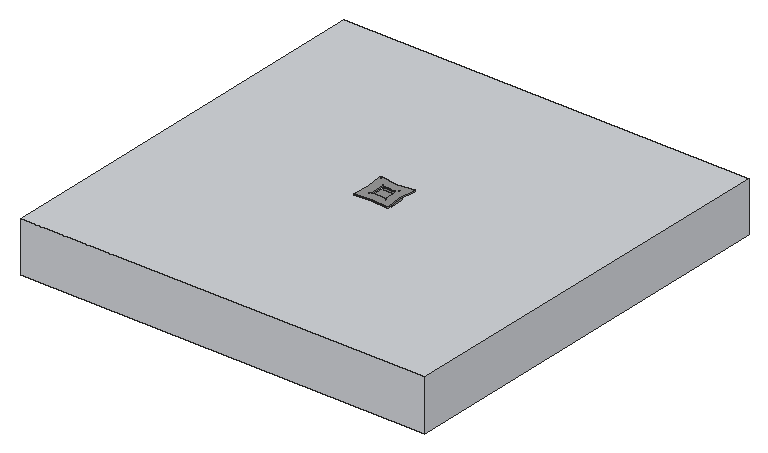
Revit family "Legrand Export Universal Columns accessoiries", category Installations électriques, Revit 2020
Family settings
  Hôte = Face
  Conserver l'orientation des annotations = Non
  Cote de connecteur circulaire = Utiliser le diamètre
  Type d'élément = Normal
  Couper avec des vides une fois chargée = Non
  Partagée = Non
  Point de calcul de pièce = Non
Parameters (values of type "Support TV screen 42 inches")
  Standard = "Universal"
  Modèle = "LG-653182"
  Main Material = "Mixed"
  Longueur CV = 80 mm
  Finishing = "Other"
  Fabricant = "LEGRAND"
  Elévation par défaut = 1800 mm
  Description = "tv Column mount 26-42 inch / 66-107cm / vesa. pour Column cv 80 mm"
  Accessoire = TV_SUPPORT_80 : 66-107cm
Types (5, lengths in mm): name | Modèle | Main Material | Finishing | Elévation par défaut | Description | Accessoire
  (no name) | "LG-653180" | "Mixed" | "Other" | 2000 | "tv Column mount 26-42 inch / 66-107cm / vesa. pour Column cv 80 mm" | INFORMATIONS_PANEL_80 : 150x150mm
  Panel indicator | "LG-653180" | "Mixed" | "Other" | 2000 | "panel indicator 150x150mm cv80" | INFORMATIONS_PANEL_80 : 150x150mm
  Shelf | "LG-653183" | "Corian" | "White" | 900 | "shelf for cv80mm universal Column" | TABLES_80 : TABLES_80
  Support TV screen 26 inches | "LG-653181" | "Mixed" | "Other" | 1800 | "tv Column mount 10-26 inch / 25-66cm / vesa. pour Column cv 80 mm" | TV_SUPPORT_80 : 25-66cm
  Support TV screen 42 inches | "LG-653182" | "Mixed" | "Other" | 1800 | "tv Column mount 26-42 inch / 66-107cm / vesa. pour Column cv 80 mm" | TV_SUPPORT_80 : 66-107cm
Reference planes
  plane 1 "Centre (avant/arrière)": y = 0
  plane 2: z = 0
  plane 3 "Centre (gauche/droite)": x = 0
  plane 4: z = 15
  plane 5: y = 40
  plane 6: y = -40
Forms (mm)
  Extrusion 1, solid
    sketch origin (0, 0, 0) x (1, 0, 0) y (0, 1, 0)
      loop
        line (-1219.2, 1219.2) -> (-1219.2, -1219.2) -> (1219.2, -1219.2) -> (1219.2, 1219.2) -> (-1219.2, 1219.2)
    from 0 to -304.8
Dimensions and locks
  aligned and locked: plane 2 to Extrusion 1
  aligned and locked: level to Extrusion 1
Nested families
  nested 1: "TV_SUPPORT_80" at (0, 0, 0), type <- "Accessoire", type "66-107cm"
    with Longueur support 200 mm, Longueur VESA 100 mm
Definition of nested family "TV_SUPPORT_80"
  Parameters (values of type "Support Ref. 653181")
    Longueur support = 100 mm
    Longueur VESA = 75 mm
    Longueur CV = 80 mm
    Default Elevation = 1219.2 mm
  Types (5, lengths in mm): name | Longueur support | Longueur VESA | Longueur CV
    (no name) | 100 | 75 | 80
    Support Ref. 653081 | 100 | 75 | 45
    Support Ref. 653082 | 200 | 100 | 45
    Support Ref. 653181 | 100 | 75 | 80
    Support Ref. 653182 | 200 | 100 | 80
  Reference planes
    plane 1 "Centre (avant/arrière)": y = 0
    plane 2: z = 0
    plane 3 "Centre (gauche/droite)": x = 0
    plane 4: y = -50
    plane 5: y = 50
    plane 6: x = -50
    plane 7: x = 50
    plane 8: y = 37.5
    plane 9: y = -37.5
    plane 10: x = 37.5
    plane 11: x = -37.5
    plane 12: x = 30
    plane 13: x = -30
    plane 14: y = 30
    plane 15: y = -30
    plane 16: z = 15
    plane 17: y = 32
    plane 18: y = -32
    plane 19: z = 30
    plane 20: x = -75
    plane 21: x = 75
    plane 22: y = 40
    plane 23: y = -40
  Forms (mm)
    Extrusion 1, solid
      sketch origin (0, 0, 0) x (1, 0, 0) y (0, 1, 0)
        loop
          line (-1219.2, 1219.2) -> (-1219.2, -1219.2) -> (1219.2, -1219.2) -> (1219.2, 1219.2) -> (-1219.2, 1219.2)
      from 0 to -304.8
    Extrusion 2, solid
      sketch origin (0, 0, 0) x (1, 0, 0) y (0, 1, 0)
        loop
          line (50, 55) -> (0, 43.75) -> (-50, 55)
          arc (-50, 55) -> (-53.536, 53.536) -> (-55, 50) r 5
          line (-55, 50) -> (-43.75, 0) -> (-55, -50)
          arc (-55, -50) -> (-53.536, -53.536) -> (-50, -55) r 5
          line (-50, -55) -> (0, -43.75) -> (50, -55)
          arc (50, -55) -> (53.536, -53.536) -> (55, -50) r 5
          line (55, -50) -> (43.75, 0) -> (55, 50)
          arc (55, 50) -> (53.536, 53.536) -> (50, 55) r 5
      from 30 to 35
    Extrusion 3, void
      sketch origin (0, 0, 0) x (1, 0, 0) y (0, 1, 0)
        loop
          circle (-50, 50) r 1.5
        loop
          circle (50, 50) r 1.5
        loop
          circle (-50, -50) r 1.5
        loop
          circle (50, -50) r 1.5
      from 30 to 35
    Extrusion 4, void
      sketch origin (0, 0, 0) x (1, 0, 0) y (0, 1, 0)
        loop
          line (30, 30) -> (-30, 30) -> (-30, -30) -> (30, -30) -> (30, 30)
      from 30 to 35
    Extrusion 5, void
      sketch origin (0, 0, 0) x (1, 0, 0) y (0, 1, 0)
        loop
          circle (-37.5, 37.5) r 1.5
        loop
          circle (37.5, 37.5) r 1.5
        loop
          circle (-37.5, -37.5) r 1.5
        loop
          circle (37.5, -37.5) r 1.5
      from 30 to 35
    Extrusion 6, solid
      sketch origin (0, 0, 0) x (1, 0, 0) y (0, 1, 0)
        loop
          line (-30, -30) -> (-30, -32) -> (30, -32) -> (30, -30) -> (-30, -30)
      from 15 to 30
    Extrusion 7, solid
      sketch origin (0, 62, 0) x (1, 0, 0) y (0, 1, 0)
        loop
          line (-30, -30) -> (-30, -32) -> (30, -32) -> (30, -30) -> (-30, -30)
      from 15 to 30
    Extrusion 8, solid
      sketch origin (0, 0, 0) x (1, 0, 0) y (0, 1, 0)
        loop
          line (-75, 40) -> (-75, -40) -> (75, -40) -> (75, 40) -> (-75, 40)
      from 0 to 15
    Extrusion 9, solid
      sketch origin (0, 0, 0) x (1, 0, 0) y (0, 1, 0)
        loop
          line (-30, -30) -> (30, -30) -> (30, 30) -> (-30, 30) -> (-30, -30)
      from 15 to 17
  Cuts and joins
    Extrusion 3, Extrusion 4, Extrusion 5 cuts Extrusion 2
  Dimensions and locks
    "Longueur support": plane 6 to plane 7
    equal spacing: plane 6, plane 3 "Centre (gauche/droite)", plane 7
    locked: plane 11 to plane 13 at 7.5
    locked: plane 12 to plane 10 at 7.5
    locked: plane 15 to plane 9 at 7.5
    locked: plane 8 to plane 14 at 7.5
    "Longueur support": plane 4 to plane 5
    equal spacing: plane 4, plane 1 "Centre (avant/arrière)", plane 5
    "Longueur VESA": plane 11 to plane 10
    equal spacing: plane 11, plane 3 "Centre (gauche/droite)", plane 10
    "Longueur VESA": plane 8 to plane 9
    equal spacing: plane 8, plane 1 "Centre (avant/arrière)", plane 9
    plane 3 "Centre (gauche/droite)" to Extrusion 6 = 30 mm
    "Longueur CV": plane 23 to plane 22
    equal spacing: plane 23, plane 1 "Centre (avant/arrière)", plane 22
    locked: plane 15 to plane 18 at 2
    locked: plane 17 to plane 14 at 2
    aligned and locked: plane 2 to Extrusion 1
    aligned and locked: level to Extrusion 1
    aligned and locked: Extrusion 8 sketch curve to plane 23
    aligned and locked: plane 20 to Extrusion 8 sketch curve
    aligned and locked: plane 22 to Extrusion 8 sketch curve
    aligned and locked: Extrusion 8 sketch curve to plane 21
  Automatic sketch dimensions
    Extrusion 1 sketch curve to Extrusion 1 sketch curve = 2438.4 mm  (x2)
    plane 4 to Extrusion 2 sketch curve = 0 mm  (x2)
    plane 5 to Extrusion 2 sketch curve = 0 mm  (x2)
    Extrusion 2 sketch curve to plane 6 = 0 mm  (x2)
    plane 1 "Centre (avant/arrière)" to Extrusion 2 sketch curve = 0 mm  (x2)
    Extrusion 2 sketch curve to plane 3 "Centre (gauche/droite)" = 0 mm  (x2)
    Extrusion 2 sketch curve to plane 7 = 0 mm  (x2)
    plane 6 to Extrusion 2 sketch curve = 5 mm  (x2)
    Extrusion 2 sketch curve to plane 6 = 6.25 mm
    plane 7 to Extrusion 2 sketch curve = 6.25 mm
    Extrusion 2 sketch curve to Extrusion 2 sketch curve = 5 mm  (x2)
    Extrusion 2 sketch curve to plane 4 = 6.25 mm
    plane 5 to Extrusion 2 sketch curve = 6.25 mm
    plane 4 to Extrusion 3 sketch curve = 0 mm  (x2)
    Extrusion 3 sketch curve to plane 6 = 0 mm  (x2)
    plane 5 to Extrusion 3 sketch curve = 0 mm  (x2)
    Extrusion 3 sketch curve to plane 7 = 0 mm  (x2)
    Extrusion 4 sketch curve to plane 13 = 0 mm
    Extrusion 4 sketch curve to plane 12 = 0 mm
    Extrusion 4 sketch curve to plane 15 = 0 mm
    Extrusion 4 sketch curve to plane 14 = 0 mm
    Extrusion 5 sketch curve to plane 9 = 0 mm  (x2)
    Extrusion 5 sketch curve to plane 11 = 0 mm  (x2)
    Extrusion 5 sketch curve to plane 8 = 0 mm  (x2)
    Extrusion 5 sketch curve to plane 10 = 0 mm  (x2)
    Extrusion 6 sketch curve to plane 13 = 0 mm
    Extrusion 6 sketch curve to plane 12 = 0 mm
    Extrusion 6 sketch curve to plane 18 = 0 mm
    Extrusion 6 sketch curve to plane 15 = 0 mm
    Extrusion 7 sketch curve to plane 13 = 0 mm
    Extrusion 7 sketch curve to plane 12 = 0 mm
    Extrusion 7 sketch curve to plane 14 = 0 mm
    Extrusion 7 sketch curve to plane 17 = 0 mm
    Extrusion 9 sketch curve to plane 13 = 0 mm
    Extrusion 9 sketch curve to plane 12 = 0 mm
    Extrusion 9 sketch curve to plane 15 = 0 mm
    Extrusion 9 sketch curve to plane 14 = 0 mm
    radius of Extrusion 3 sketch curve = 1.5 mm  (x4)
    radius of Extrusion 5 sketch curve = 1.5 mm  (x4)
